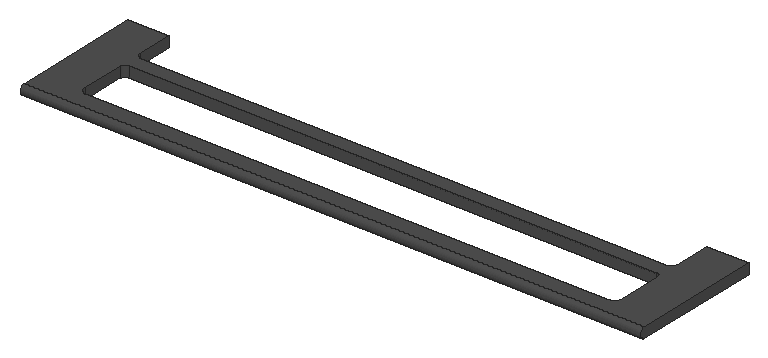
Revit family "Reece_Accessory_Milli_Meld Edit_Double Towel Rail", category Plumbing Fixtures, Revit 2018
Family settings
  Round Connector Dimension = Use Diameter
  Part Type = Normal
  Work Plane-Based = Yes
  Always vertical = Yes
  Cut with Voids When Loaded = Yes
  Shared = Yes
  Room Calculation Point = Yes
Parameters (values of type "600 mm_Matte Black")
  URL = "https://www.reece.com.au/product/-2265655"
  Type Comments = "Accessory"
  Reece_Product_Web Page = "https://www.reece.com.au/product/-2265655"
  Reece_Product_Type = "Accessory"  # constant formula
  Reece_Product_Sub Brand = "Meld Edit"  # constant formula
  Reece_Product_Number = "2265655"
  Reece_Product_Mount = "Wall Mounted"
  Reece_Product_Description = "Milli Meld Edit Double Towel Rail 600mm Matte Black"
  Reece_Product_Brand = "Milli"  # constant formula
  Reece_Overall_Width = 600 mm
  Reece_Overall_Height = 14 mm  # constant formula
  Reece_Material_Main = Reece_Brass_Matte Black
  Reece_Height_From_Level [instance] = 1000 mm
  Reece_Fixing_Point_Width = 560 mm
  Reece_Detail_Shape = ""
  Reece_Detail_Installation = ""
  Reece_Detail_Disclaimer = "THIS FILE IS THE PROPERTY OF THE REECE GROUP. IT MAY NOT BE REPRODUCED, REVERSE-ENGINEERED OR MODIFIED. ANY REPUBLICATION, TRANSMISSION OR DISTRIBUTION FOR THE PURPOSE OF COMMERCIALLY EXPLOITING THE FILES IS PROHIBITED."  # constant formula
  Reece_Detail_Connector = ""
  Reece_Detail_Additional = "Double Towel Rail"  # constant formula
  Reece_Accessory_Projection = 130 mm  # constant formula
  Model = "Meld Edit"
  Manufacturer = "Milli"
  Keynote = "Product #2265655, Reece_Accessory_Milli_Meld Edit_Double Towel Rail - 600 mm_Matte Black"
  Disclaimer = "THIS FILE IS THE PROPERTY OF THE REECE GROUP. IT MAY NOT BE REPRODUCED, REVERSE-ENGINEERED OR MODIFIED. ANY REPUBLICATION, TRANSMISSION OR DISTRIBUTION FOR THE PURPOSE OF COMMERCIALLY EXPLOITING THE FILES IS PROHIBITED."  # constant formula
  Description = "Milli Meld Edit Double Towel Rail 600mm Matte Black"
  Default Elevation = 0 mm
Types (11, lengths in mm): name | URL | Reece_Product_Web Page | Reece_Product_Number | Reece_Product_Description | Reece_Overall_Width | Reece_Material_Main | Reece_Fixing_Point_Width | Keynote | Description
  (no name) | "https://www.reece.com.au/product/-2265679" | "https://www.reece.com.au/product/-2265679" | "2265679" | "Milli Meld Edit Double Towel Rail 600mm Brushed Nickel" | 600 | Reece_Brass_Brushed Nickel | 560 | "Product #2265679, Reece_Accessory_Milli_Meld Edit_Double Towel Rail -  " | "Milli Meld Edit Double Towel Rail 600mm Brushed Nickel"
  600 mm_Brushed Nickel | "https://www.reece.com.au/product/-2265679" | "https://www.reece.com.au/product/-2265679" | "2265679" | "Milli Meld Edit Double Towel Rail 600mm Brushed Nickel" | 600 | Reece_Brass_Brushed Nickel | 560 | "Product #2265679, Reece_Accessory_Milli_Meld Edit_Double Towel Rail - 600 mm_Brushed Nickel" | "Milli Meld Edit Double Towel Rail 600mm Brushed Nickel"
  750 mm_Brushed Nickel | "https://www.reece.com.au/product/-2265675" | "https://www.reece.com.au/product/-2265675" | "2265675" | "Milli Meld Edit Double Towel Rail 750mm Brushed Nickel" | 750 | Reece_Brass_Brushed Nickel | 710 | "Product #2265675, Reece_Accessory_Milli_Meld Edit_Double Towel Rail - 750 mm_Brushed Nickel" | "Milli Meld Edit Double Towel Rail 750mm Brushed Nickel"
  600 mm_Chrome | "https://www.reece.com.au/product/-2265647" | "https://www.reece.com.au/product/-2265647" | "2265647" | "Milli Meld Edit Double Towel Rail 600mm Chrome" | 600 | Reece_Brass_Chrome | 560 | "Product #2265647, Reece_Accessory_Milli_Meld Edit_Double Towel Rail - 600 mm_Chrome" | "Milli Meld Edit Double Towel Rail 600mm Chrome"
  600 mm_Matte Black | "https://www.reece.com.au/product/-2265655" | "https://www.reece.com.au/product/-2265655" | "2265655" | "Milli Meld Edit Double Towel Rail 600mm Matte Black" | 600 | Reece_Brass_Matte Black | 560 | "Product #2265655, Reece_Accessory_Milli_Meld Edit_Double Towel Rail - 600 mm_Matte Black" | "Milli Meld Edit Double Towel Rail 600mm Matte Black"
  600 mm_PVD Brushed Gold | "https://www.reece.com.au/product/-2265663" | "https://www.reece.com.au/product/-2265663" | "2265663" | "Milli Meld Edit Double Towel Rail 600mm Brushed Gold" | 600 | Reece_PVD_Brushed Gold | 560 | "Product #2265663, Reece_Accessory_Milli_Meld Edit_Double Towel Rail - 600 mm_PVD Brushed Gold" | "Milli Meld Edit Double Towel Rail 600mm Brushed Gold"
  600 mm_PVD Brushed Gunmetal | "https://www.reece.com.au/product/-2265671" | "https://www.reece.com.au/product/-2265671" | "2265671" | "Milli Meld Edit Double Towel Rail 600mm Brushed Gunmetal" | 600 | Reece_PVD_Brushed Gunmetal | 560 | "Product #2265671, Reece_Accessory_Milli_Meld Edit_Double Towel Rail - 600 mm_PVD Brushed Gunmetal" | "Milli Meld Edit Double Towel Rail 600mm Brushed Gunmetal"
  750 mm_Chrome | "https://www.reece.com.au/product/-2265643" | "https://www.reece.com.au/product/-2265643" | "2265643" | "Milli Meld Edit Double Towel Rail 750mm Chrome" | 750 | Reece_Brass_Brushed Chrome | 710 | "Product #2265643, Reece_Accessory_Milli_Meld Edit_Double Towel Rail - 750 mm_Chrome" | "Milli Meld Edit Double Towel Rail 750mm Chrome"
  750 mm_Matte Black | "https://www.reece.com.au/product/-2265651" | "https://www.reece.com.au/product/-2265651" | "2265651" | "Milli Meld Edit Double Towel Rail 750mm Matte Black" | 750 | Reece_Brass_Matte Black | 710 | "Product #2265651, Reece_Accessory_Milli_Meld Edit_Double Towel Rail - 750 mm_Matte Black" | "Milli Meld Edit Double Towel Rail 750mm Matte Black"
  750 mm_PVD Brushed Gold | "https://www.reece.com.au/product/-2265659" | "https://www.reece.com.au/product/-2265659" | "2265659" | "Milli Meld Edit Double Towel Rail 750mm Brushed Gold" | 750 | Reece_PVD_Brushed Gold | 710 | "Product #2265659, Reece_Accessory_Milli_Meld Edit_Double Towel Rail - 750 mm_PVD Brushed Gold" | "Milli Meld Edit Double Towel Rail 750mm Brushed Gold"
  750 mm_PVD Brushed Gunmetal | "https://www.reece.com.au/product/-2265667" | "https://www.reece.com.au/product/-2265667" | "2265667" | "Milli Meld Edit Double Towel Rail 750mm Brushed Gunmetal" | 750 | Reece_PVD_Brushed Gunmetal | 710 | "Product #2265667, Reece_Accessory_Milli_Meld Edit_Double Towel Rail - 750 mm_PVD Brushed Gunmetal" | "Milli Meld Edit Double Towel Rail 750mm Brushed Gunmetal"
Reference planes
  plane 1 "Center (Front/Back)": y = 0
  plane 2 "Bottom Host Plane": z = -5
  plane 3 "Center (Left/Right)": x = 0
  plane 4 "Fixing Point": z = 1000
  plane 5: x = -300
  plane 6: x = 300
  plane 7: x = 259.964
  plane 8: y = -55.024
  plane 9: y = -110.024
  plane 10: z = 1005
  plane 11: z = 995
  plane 12: y = -130
  plane 13: z = 991
  plane 14: x = 280
  plane 15: x = -280
  plane 16: x = -259.964
Forms (mm)
  Extrusion 1, solid, material "Reece_Brass_Matte Black" <- "Reece_Material_Main"
    sketch origin (0, 0, 0) x (0, 1, 0) y (0, 0, 1)
      loop
        line (0, 1005) -> (-125, 1005)
        arc (-125, 1005) -> (-130, 1000) -> (-125, 995) r 5
        line (-125, 995) -> (0, 995) -> (0, 1005)
    from -300 to 300
  Extrusion 2, void
    sketch origin (0, 0, 0) x (1, 0, 0) y (0, 1, 0)
      loop
        line (259.964, -35.156) -> (259.964, 0) -> (-259.964, 0) -> (-259.964, -35.562)
        arc (-259.964, -35.562) -> (-258.499, -39.098) -> (-254.964, -40.562) r 5
        line (-254.964, -40.562) -> (254.558, -40.562)
        arc (254.558, -40.562) -> (258.381, -38.979) -> (259.964, -35.156) r 5.406
      loop
        arc (-259.964, -102.024) -> (-257.621, -107.68) -> (-251.964, -110.024) r 8
        line (-251.964, -110.024) -> (251.964, -110.024)
        arc (251.964, -110.024) -> (257.621, -107.68) -> (259.964, -102.024) r 8
        line (259.964, -102.024) -> (259.964, -60.024)
        arc (259.964, -60.024) -> (258.499, -56.488) -> (254.964, -55.024) r 5
        line (254.964, -55.024) -> (-254.964, -55.024)
        arc (-254.964, -55.024) -> (-258.499, -56.488) -> (-259.964, -60.024) r 5
        line (-259.964, -60.024) -> (-259.964, -102.024)
    from 995 to 1005
  Extrusion 3, void
    sketch origin (0, 0, 0) x (-1, 0, 0) y (0, 0, -1)
      loop
        line (266.492, -1003.588) -> (293.476, -1003.588) -> (293.476, -995) -> (266.492, -995) -> (266.492, -1003.588)
    from 0 to 22.223
  Extrusion 4, void
    sketch origin (0, 0, 0) x (0, 1, 0) y (0, 0, 1)
      loop
        line (-22.223, 993.882) -> (-22.223, 991) -> (-19.15, 991) -> (-22.223, 993.882)
    from -293.476 to 300
  Extrusion 5, void
    sketch origin (0, 0, 0) x (-1, 0, 0) y (0, -1, 0)
      loop
        circle (279.982, 10) r 4.4
      loop
        circle (279.982, 10) r 1.5
      loop
        circle (279.982, 10) r 4
    from 991 to 993.882
  Extrusion 6, solid, material "Reece_Brass_Matte Black" <- "Reece_Material_Main"
    sketch origin (0, 0, 0) x (1, 0, 0) y (0, 0, 1)
      loop
        line (-292.596, 1001.483) -> (-292.596, 993.89) -> (-289.998, 991.293)
        arc (-289.998, 991.293) -> (-289.674, 991.076) -> (-289.291, 991) r 1
        line (-289.291, 991) -> (-270.857, 991)
        arc (-270.857, 991) -> (-270.472, 991.077) -> (-270.146, 991.295) r 1.006
        line (-270.146, 991.295) -> (-267.55, 993.89) -> (-267.55, 1001.483)
        arc (-267.55, 1001.483) -> (-267.96, 1002.473) -> (-268.95, 1002.883) r 1.4
        line (-268.95, 1002.883) -> (-291.196, 1002.883)
        arc (-291.196, 1002.883) -> (-292.186, 1002.473) -> (-292.596, 1001.483) r 1.4
      loop
        line (-281.54, 996.183) -> (-278.607, 996.183)
        arc (-278.607, 996.183) -> (-276.404, 998.387) -> (-278.607, 1000.59) r 2.203
        line (-278.607, 1000.59) -> (-281.54, 1000.59)
        arc (-281.54, 1000.59) -> (-283.743, 998.387) -> (-281.54, 996.183) r 2.203
      loop
        line (267.326, 1001.483) -> (267.326, 993.89) -> (269.924, 991.293)
        arc (269.924, 991.293) -> (270.248, 991.076) -> (270.631, 991) r 1
        line (270.631, 991) -> (289.065, 991)
        arc (289.065, 991) -> (289.449, 991.077) -> (289.776, 991.295) r 1.006
        line (289.776, 991.295) -> (292.372, 993.89) -> (292.372, 1001.483)
        arc (292.372, 1001.483) -> (291.962, 1002.473) -> (290.972, 1002.883) r 1.4
        line (290.972, 1002.883) -> (268.726, 1002.883)
        arc (268.726, 1002.883) -> (267.736, 1002.473) -> (267.326, 1001.483) r 1.4
      loop
        line (278.382, 996.183) -> (281.315, 996.183)
        arc (281.315, 996.183) -> (283.518, 998.387) -> (281.315, 1000.59) r 2.203
        line (281.315, 1000.59) -> (278.382, 1000.59)
        arc (278.382, 1000.59) -> (276.179, 998.387) -> (278.382, 996.183) r 2.203
    from 0 to 22.223
  Extrusion 7, void
    sketch origin (0, 0, 0) x (1, 0, 0) y (0, 0, 1)
      loop
        line (266.492, 1003.588) -> (266.492, 995) -> (293.476, 995) -> (293.476, 1003.588) -> (266.492, 1003.588)
    from 0 to 22.223
  Extrusion 8, void
    sketch origin (0, 0, 0) x (1, 0, 0) y (0, 1, 0)
      loop
        circle (279.982, -10) r 4.4
      loop
        circle (279.982, -10) r 1.5
      loop
        circle (279.982, -10) r 4
    from 991 to 993.882
Cuts and joins
  Extrusion 2, Extrusion 3, Extrusion 7 cuts Extrusion 1
  Extrusion 4, Extrusion 5, Extrusion 8 cuts Extrusion 6
Lines and regions (mm)
  model lines, style "InvisibleLines"
    curve 1: line (0, 0, -5) -> (0, 0, 1000)
Text (mm)
  text "Reece ©" at (2601.993, -2066.92, 3347.899), in view "Reece Preview"
  text "Reece Copyright © 2018, Reece Ltd." at (328.532, -169.859, 0), in view "Ref. Level"
Dimensions and locks
  locked: plane 2 "Bottom Host Plane" to level at 5
  "Reece_Height_From_Level": plane 4 "Fixing Point" to level
  "Reece_Overall_Width": plane 5 to plane 6
  locked: plane 7 to plane 6 at 40.036
  plane 8 to plane 9 = 55 mm
  plane 12 to plane 1 "Center (Front/Back)" = 130 mm
  "Reece_Accessory_Projection": plane 1 "Center (Front/Back)" to plane 12
  plane 13 to plane 11 to plane 4 "Fixing Point" to plane 10 = 4 mm locked, 5 mm locked, 5 mm locked
  locked: Extrusion 5 to plane 4 "Fixing Point" at 6.118
  Extrusion 6 sketch curve to plane 4 "Fixing Point" to Extrusion 6 sketch curve = 9 mm locked, 2.883 mm locked  (x2)
  plane 6 to plane 5 = 600 mm
  "Reece_Fixing_Point_Width": plane 15 to plane 14
  plane 5 to plane 6 = 600 mm
  plane 15 to plane 14 = 560 mm
  equal spacing: plane 5, plane 3 "Center (Left/Right)", plane 6
  equal spacing: plane 15, plane 3 "Center (Left/Right)", plane 14
  locked: plane 5 to plane 16 at 40.036
  plane 5 to cut or joined group of Extrusion 1, Extrusion 2, Extrusion 3, Extrusion 7 to cut or joined group of Extrusion 1, Extrusion 2, Extrusion 3, Extrusion 7 to plane 16 = 6.524 mm locked, 26.984 mm locked, 6.528 mm locked
  "Reece_Overall_Height": cut or joined group of Extrusion 1, Extrusion 2, Extrusion 3, Extrusion 7 to plane 13
  aligned and locked: plane 4 "Fixing Point" to curve 1
  aligned and locked: Extrusion 1 to Extrusion 2  (x2)
  aligned and locked: cut or joined group of Extrusion 1, Extrusion 2, Extrusion 3, Extrusion 7 to Extrusion 4  (x2)
  aligned and locked: plane 10 to cut or joined group of Extrusion 1, Extrusion 2, Extrusion 3, Extrusion 7
  aligned and locked: cut or joined group of Extrusion 1, Extrusion 2, Extrusion 3, Extrusion 7 to plane 11
  aligned and locked: plane 13 to Extrusion 4
  aligned and locked: plane 13 to Extrusion 5
  aligned and locked: Extrusion 8 to Extrusion 4
  aligned and locked: Extrusion 4 to Extrusion 8
  aligned and locked: plane 6 to cut or joined group of Extrusion 1, Extrusion 2, Extrusion 3, Extrusion 7
  aligned and locked: plane 5 to cut or joined group of Extrusion 1, Extrusion 2, Extrusion 3, Extrusion 7
  aligned and locked: Extrusion 2 sketch curve to plane 7
  aligned and locked: plane 7 to Extrusion 2 sketch curve
  aligned and locked: Extrusion 2 sketch curve to plane 16  (x2)
Automatic sketch dimensions
  curve 1 to plane 3 "Center (Left/Right)" = 0 mm
  curve 1 to plane 2 "Bottom Host Plane" = 0 mm
  Extrusion 1 sketch curve to plane 10 = 0 mm
  plane 11 to Extrusion 1 sketch curve = 0 mm
  Extrusion 1 sketch curve to plane 1 "Center (Front/Back)" = 0 mm
  plane 12 to Extrusion 1 sketch curve = 5 mm
  plane 1 "Center (Front/Back)" to Extrusion 2 sketch curve = 0 mm
  plane 7 to Extrusion 2 sketch curve = 5 mm
  plane 7 to Extrusion 2 sketch curve = 5.406 mm
  plane 7 to Extrusion 2 sketch curve = 8 mm
  plane 9 to Extrusion 2 sketch curve = 8 mm
  plane 8 to Extrusion 2 sketch curve = 14.461 mm
  Extrusion 2 sketch curve to plane 8 = 5 mm
  Extrusion 2 sketch curve to Extrusion 2 sketch curve = 0 mm
  Extrusion 2 sketch curve to Extrusion 2 sketch curve = 5 mm
  Extrusion 2 sketch curve to Extrusion 2 sketch curve = 8 mm
  plane 5 to Extrusion 3 sketch curve = 33.508 mm
  plane 5 to Extrusion 3 sketch curve = 6.524 mm
  plane 10 to Extrusion 3 sketch curve = 1.412 mm
  plane 13 to Extrusion 4 sketch curve = 0 mm
  plane 1 "Center (Front/Back)" to Extrusion 4 sketch curve = 22.223 mm
  Extrusion 4 sketch curve to Extrusion 4 sketch curve = 3.073 mm
  plane 11 to Extrusion 4 sketch curve = 1.118 mm
  Extrusion 5 sketch curve to Extrusion 5 sketch curve = 0 mm  (x6)
  Extrusion 5 sketch curve to plane 1 "Center (Front/Back)" = 10 mm
  plane 5 to Extrusion 5 sketch curve = 20.018 mm
  Extrusion 7 sketch curve to plane 11 = 0 mm
  Extrusion 7 sketch curve to plane 7 = 6.528 mm
  Extrusion 7 sketch curve to plane 6 = 6.524 mm
  Extrusion 7 sketch curve to plane 10 = 1.412 mm
  Extrusion 8 sketch curve to Extrusion 8 sketch curve = 0 mm  (x6)
  plane 1 "Center (Front/Back)" to Extrusion 8 sketch curve = 10 mm
  Extrusion 8 sketch curve to plane 6 = 20.018 mm
  Extrusion 6 sketch curve to plane 4 "Fixing Point" = 1.483 mm
  Extrusion 6 sketch curve to plane 5 = 7.404 mm
  Extrusion 6 sketch curve to plane 13 = 0.293 mm  (x2)
  Extrusion 6 sketch curve to Extrusion 6 sketch curve = 2.598 mm  (x2)
  Extrusion 6 sketch curve to Extrusion 6 sketch curve = 0.707 mm  (x2)
  Extrusion 6 sketch curve to plane 4 "Fixing Point" = 0.59 mm  (x2)
  Extrusion 6 sketch curve to Extrusion 6 sketch curve = 9.656 mm  (x2)
  Extrusion 6 sketch curve to Extrusion 6 sketch curve = 2.933 mm  (x2)
  Extrusion 6 sketch curve to plane 13 = 1.006 mm  (x2)
  Extrusion 6 sketch curve to Extrusion 6 sketch curve = 7.75 mm  (x2)
  Extrusion 6 sketch curve to plane 13 = 0.295 mm  (x2)
  Extrusion 6 sketch curve to Extrusion 6 sketch curve = 9.657 mm
  plane 11 to Extrusion 6 sketch curve = 1.11 mm  (x4)
  Extrusion 6 sketch curve to Extrusion 6 sketch curve = 2.596 mm  (x2)
  Extrusion 6 sketch curve to plane 7 = 7.362 mm
  Extrusion 6 sketch curve to Extrusion 6 sketch curve = 1.4 mm
  Extrusion 6 sketch curve to plane 6 = 9.028 mm
  Extrusion 6 sketch curve to plane 11 = 1.183 mm  (x2)
  Extrusion 3 sketch curve to plane 11 = 0 mm
  radius of Extrusion 5 sketch curve = 4.4 mm
  radius of Extrusion 5 sketch curve = 1.5 mm
  radius of Extrusion 5 sketch curve = 4 mm
  radius of Extrusion 8 sketch curve = 4.4 mm
  radius of Extrusion 8 sketch curve = 1.5 mm
  radius of Extrusion 8 sketch curve = 4 mm
